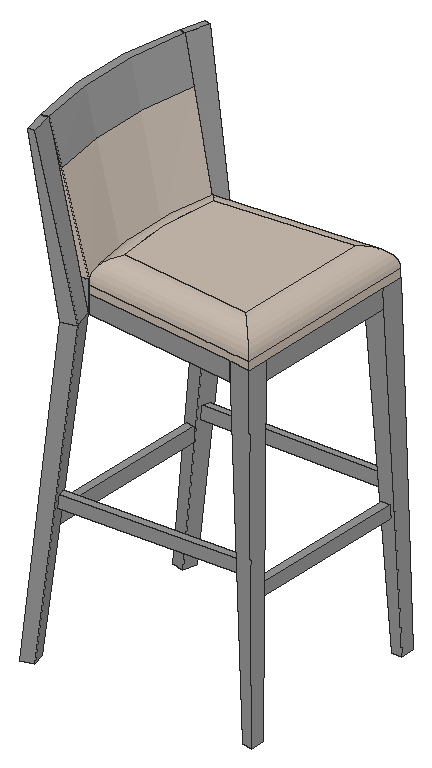
Revit family "Furniture_Chair_AZURE 3.1", category Furniture, Revit 2019
Family settings
  OmniClass Number = 23.21.23.15.17
  Work Plane-Based = Yes
  Always vertical = No
  Cut with Voids When Loaded = No
  Shared = No
  Room Calculation Point = No
Parameters (values of type "AZURE 3.1")
  Youtube clip = ""
  Uniformat II Description = "Movable Furnishings"
  Uniformat II Code = ""
  Uniclass 2015 Name = ""
  Uniclass 2015 Code = ""
  Uniclass 2.0 Description = ""
  Uniclass 2.0 Code = ""
  Uniclass 1.4 Description = ""
  Uniclass 1.4 Code = ""
  UNSPSC Code = ""
  Technical description = ""
  Shell Material = Leather - Wheat CPC21
  Frame Material = Teak
  Region South America = "All"
  Region Oceania = "All"
  Region North America = "All"
  Region Middle East = "All"
  Region Europe = "All"
  Region Asia = "All"
  Region Antarctica = "All"
  Region Africa = "All"
  QR code = "https://www.sandlerseating.com/product/azure-3-1/"
  Product url = "https://www.sandlerseating.com/product/azure-3-1/"
  Product name = "AZURE 3.1"
  Product group = "Chair"
  Product family = "Furniture"
  Product data url = "https://www.sandlerseating.com/product/azure-3-1/"
  Product certification = ""
  Product SKU = "??"
  Product Guid = "??"
  OmniClass Description = ""
  OmniClass Code = "23-21 23 15 17"
  NBS Reference Description = ""
  NBS Reference Code = ""
  Model = "AZURE 3.1"
  Masterformat 2014 Description = "Chair Mats"
  Masterformat 2014 Code = "12 48 43.13"
  Manufacturer name = "Sandler"
  Manufacturer country = "USA"
  Manufacturer = "Sandler"
  Installation instructions = ""
  IFC Classification = "Furnishing Element"
  GTIN code = ""
  Edition number = 1
  Design country = "Brasil"
  Description = "Chair"
  Default Elevation = 0.000 mm
  Date of publishing = ""
  COBIe Type Category = ""
  Brand url = "https://www.sandlerseating.com/"
  BIMobject main category code = "furniture"
  BIMobject main category = "Furniture"
  BIMobject category code = "furniture-chair"
  BIMobject category = "Chair"
Reference planes
  plane 1 "Center Front/Back": y = 0
  plane 2: z = 0
  plane 3 "Center Left/Right": x = 0
Forms (mm)
  Blend 1, solid, material "Teak" <- "Frame Material"
    base sketch origin (0, 0, 840) x (-1, 0, 0) y (0, -1, 0)
      loop
        line (213.465, 233.374) -> (199.618, 230.177) -> (211.289, 179.625) -> (225.136, 182.822) -> (213.465, 233.374)
    top sketch origin (0, 0, 840) x (-1, 0, 0) y (0, -1, 0)
      loop
        line (161.503, 212.709) -> (130.618, 205.009) -> (140.864, 163.916) -> (171.748, 171.616) -> (161.503, 212.709)
    from 179.577 to -175.767
  Blend 2, solid, material "Teak" <- "Frame Material"
    base sketch origin (0, 0, 840) x (-1, 0, 0) y (0, -1, 0)
      loop
        line (161.503, 212.709) -> (130.618, 205.009) -> (140.864, 163.916) -> (171.748, 171.616) -> (161.503, 212.709)
    top sketch origin (0, 0, 840) x (-1, 0, 0) y (0, -1, 0)
      loop
        line (239.094, 220.954) -> (213.794, 214.646) -> (221.258, 184.708) -> (246.338, 191.9) -> (239.094, 220.954)
    from -175.767 to -840
  Blend 3, solid, material "Teak" <- "Frame Material"
    base sketch origin (0, 0, 840) x (-1, 0, 0) y (0, -1, 0)
      loop
        line (213.465, -233.374) -> (225.136, -182.822) -> (211.289, -179.625) -> (199.618, -230.177) -> (213.465, -233.374)
    top sketch origin (0, 0, 840) x (-1, 0, 0) y (0, -1, 0)
      loop
        line (161.503, -212.709) -> (171.748, -171.616) -> (140.864, -163.916) -> (130.618, -205.009) -> (161.503, -212.709)
    from 179.577 to -175.767
  Blend 4, solid, material "Teak" <- "Frame Material"
    base sketch origin (0, 0, 840) x (-1, 0, 0) y (0, -1, 0)
      loop
        line (161.503, -212.709) -> (171.748, -171.616) -> (140.864, -163.916) -> (130.618, -205.009) -> (161.503, -212.709)
    top sketch origin (0, 0, 840) x (-1, 0, 0) y (0, -1, 0)
      loop
        line (239.094, -220.954) -> (246.338, -191.9) -> (221.258, -184.708) -> (213.794, -214.646) -> (239.094, -220.954)
    from -175.767 to -840
  Extrusion 5, solid, material "Teak" <- "Frame Material"
    sketch origin (0, 0, 840) x (-1, 0, 0) y (0, -1, 0)
      loop
        arc (140.985, 163.459) -> (162.289, 0) -> (140.985, -163.459) r 637.754
        line (140.985, -163.459) -> (171.748, -171.616)
        arc (171.748, -171.616) -> (190.643, 0) -> (171.748, 171.616) r 788.805
        line (171.748, 171.616) -> (140.985, 163.459)
    from -175.767 to -109.213
  Blend 6, solid, material "Teak" <- "Frame Material"
    base sketch origin (0, 0, 840) x (-1, 0, 0) y (0, -1, 0)
      loop
        line (-181.766, -194.871) -> (-183.12, -156.115) -> (-226.525, -154.599) -> (-226.525, -200.367) -> (-181.766, -194.871)
    top sketch origin (0, 0, 840) x (-1, 0, 0) y (0, -1, 0)
      loop
        line (-221.72, -182.464) -> (-242.749, -182.464) -> (-242.749, -211.798) -> (-221.72, -209.216) -> (-221.72, -182.464)
    from -137.541 to -840
  Blend 7, solid, material "Teak" <- "Frame Material"
    base sketch origin (0, 0, 840) x (-1, 0, 0) y (0, -1, 0)
      loop
        line (-181.766, 194.871) -> (-226.525, 200.367) -> (-226.525, 154.599) -> (-183.12, 156.115) -> (-181.766, 194.871)
    top sketch origin (0, 0, 840) x (-1, 0, 0) y (0, -1, 0)
      loop
        line (-221.72, 182.464) -> (-221.72, 209.216) -> (-242.749, 211.798) -> (-242.749, 182.464) -> (-221.72, 182.464)
    from -137.541 to -840
  Extrusion 8, solid, material "Teak" <- "Frame Material"
    sketch origin (0, 0, 840) x (-1, 0, 0) y (0, -1, 0)
      loop
        line (-181.766, 194.871) -> (-182.443, 175.493) -> (145.927, 143.534)
        arc (145.927, 143.534) -> (143.539, 153.522) -> (140.958, 163.462) r 529.609
        line (140.958, 163.462) -> (-181.766, 194.871)
    from -175.767 to -137.541
  Extrusion 9, solid, material "Teak" <- "Frame Material"
    sketch origin (0, 0, 840) x (-1, 0, 0) y (0, -1, 0)
      loop
        line (-226.525, 155.357) -> (-226.525, -155.357) -> (-204.822, -155.357) -> (-204.822, 155.357) -> (-226.525, 155.357)
    from -175.767 to -137.541
  Extrusion 10, solid, material "Teak" <- "Frame Material"
    sketch origin (0, 0, 840) x (-1, 0, 0) y (0, -1, 0)
      loop
        line (-181.766, -194.871) -> (140.958, -163.462)
        arc (140.958, -163.462) -> (143.539, -153.522) -> (145.927, -143.534) r 529.609
        line (145.927, -143.534) -> (-182.443, -175.493) -> (-181.766, -194.871)
    from -175.767 to -137.541
  Blend 11, solid, material "Leather - Wheat CPC21" <- "Shell Material"
    base sketch origin (0, 0, 840) x (-1, 0, 0) y (0, -1, 0)
      loop
        line (211.286, -179.638) -> (225.136, -182.822)
        arc (225.136, -182.822) -> (248.483, 0) -> (225.136, 182.822) r 727.49
        line (225.136, 182.822) -> (211.286, 179.638)
        arc (211.286, 179.638) -> (231.667, 0) -> (211.286, -179.638) r 801.873
    top sketch origin (0, 0, 840) x (-1, 0, 0) y (0, -1, 0)
      loop
        arc (140.985, 163.459) -> (162.289, 0) -> (140.985, -163.459) r 637.754
        line (140.985, -163.459) -> (171.748, -171.616)
        arc (171.748, -171.616) -> (190.643, 0) -> (171.748, 171.616) r 788.805
        line (171.748, 171.616) -> (140.985, 163.459)
    from 179.577 to -109.213
  Extrusion 12, solid, material "Leather - Wheat CPC21" <- "Shell Material"
    sketch origin (0, 0, 840) x (-1, 0, 0) y (0, -1, 0)
      loop
        line (-226.525, -199.228) -> (140.985, -163.459)
        arc (140.985, -163.459) -> (162.289, 0) -> (140.985, 163.459) r 637.754
        line (140.985, 163.459) -> (-226.525, 199.228) -> (-226.525, -199.228)
    from -137.541 to -70.767
  Sweep 13, void
    path in 3D
      loop
        line (226.525, 199.228, 769.233) -> (-140.985, 163.459, 769.233)
        arc (-140.985, 163.459, 769.233) -> (-162.289, 0, 769.233) -> (-140.985, -163.459, 769.233) r 637.754
        line (-140.985, -163.459, 769.233) -> (226.525, -199.228, 769.233) -> (226.525, 199.228, 769.233)
    profile origin (226.525, 0, 769.233) x (-1, 0, 0) y (0, 0, 1)
      loop
        line (0, 0) -> (0, -50)
        arc (0, -50) -> (14.645, -14.645) -> (50, 0) r 50
        line (50, 0) -> (0, 0)
  Extrusion 14, void
    sketch origin (0, 0, 0) x (0, 1, 0) y (0, 0, 1)
      loop
        line (259.208, 927.871) -> (259.208, 1028.598) -> (-260.792, 1028.598) -> (-260.792, 927.871) -> (259.208, 927.871)
    from -268.75 to -122.837
  Blend 15, solid, material "Teak" <- "Frame Material"
    base sketch origin (0, 0, 840) x (-1, 0, 0) y (0, -1, 0)
      loop
        line (211.286, -179.638) -> (225.136, -182.822)
        arc (225.136, -182.822) -> (248.483, 0) -> (225.136, 182.822) r 727.49
        line (225.136, 182.822) -> (211.286, 179.638)
        arc (211.286, 179.638) -> (231.667, 0) -> (211.286, -179.638) r 801.873
    top sketch origin (0, 0, 840) x (-1, 0, 0) y (0, -1, 0)
      loop
        arc (140.985, 163.459) -> (162.289, 0) -> (140.985, -163.459) r 637.754
        line (140.985, -163.459) -> (171.748, -171.616)
        arc (171.748, -171.616) -> (190.643, 0) -> (171.748, 171.616) r 788.805
        line (171.748, 171.616) -> (140.985, 163.459)
    from 179.577 to -109.213
  Extrusion 16, void
    sketch origin (0, 0, 0) x (0, 1, 0) y (0, 0, 1)
      loop
        line (259.208, 927.871) -> (-260.792, 927.871) -> (-260.792, 652.871) -> (259.208, 652.871) -> (259.208, 927.871)
    from -241.538 to -122.837
  Blend 17, solid, material "Teak" <- "Frame Material"
    base sketch origin (0, 0, 0) x (0, 1, 0) y (0, 0, 1)
      loop
        line (198.822, 326.708) -> (182.748, 326.708) -> (182.748, 299.709) -> (198.822, 299.709) -> (198.822, 326.708)
    top sketch origin (0, 0, 0) x (0, 1, 0) y (0, 0, 1)
      loop
        line (194.234, 335.03) -> (178.521, 335.03) -> (178.521, 308.358) -> (194.234, 308.358) -> (194.234, 335.03)
    from -195.905 to 221.068
  Blend 18, solid, material "Teak" <- "Frame Material"
    base sketch origin (0, 0, 0) x (0, -1, 0) y (0, 0, -1)
      loop
        line (198.822, -326.708) -> (198.822, -299.709) -> (182.748, -299.709) -> (182.748, -326.708) -> (198.822, -326.708)
    top sketch origin (0, 0, 0) x (0, -1, 0) y (0, 0, -1)
      loop
        line (194.234, -335.03) -> (194.234, -308.358) -> (178.521, -308.358) -> (178.521, -335.03) -> (194.234, -335.03)
    from -195.905 to 221.068
  Extrusion 19, solid, material "Teak" <- "Frame Material"
    sketch origin (997.738, 0, 0) x (1, 0, 0) y (0, 0, 1)
      loop
        line (-770.238, 260.409) -> (-770.238, 286.869) -> (-787.524, 286.869) -> (-787.524, 260.409) -> (-770.238, 260.409)
      loop
        line (-1189.59, 254.316) -> (-1189.59, 284.316) -> (-1206.453, 284.316) -> (-1206.453, 254.316) -> (-1189.59, 254.316)
    from -187.921 to 182.748
Cuts and joins
  Sweep 13 cuts Extrusion 12
  Extrusion 14 cuts Blend 11
  Extrusion 16 cuts Blend 15
Lines and regions (mm)
  sketch lines
    curve 1: line (226.525, -199.228, 769.233) -> (226.525, 199.228, 769.233)
    curve 2: line (226.525, 199.228, 769.233) -> (-140.985, 163.459, 769.233)
    curve 3: arc (-140.985, -163.459, 769.233) -> (-162.289, 0, 769.233) -> (-140.985, 163.459, 769.233) r 637.754
    curve 4: line (-140.985, -163.459, 769.233) -> (226.525, -199.228, 769.233)
Dimensions and locks
  aligned and locked: level to plane 2
